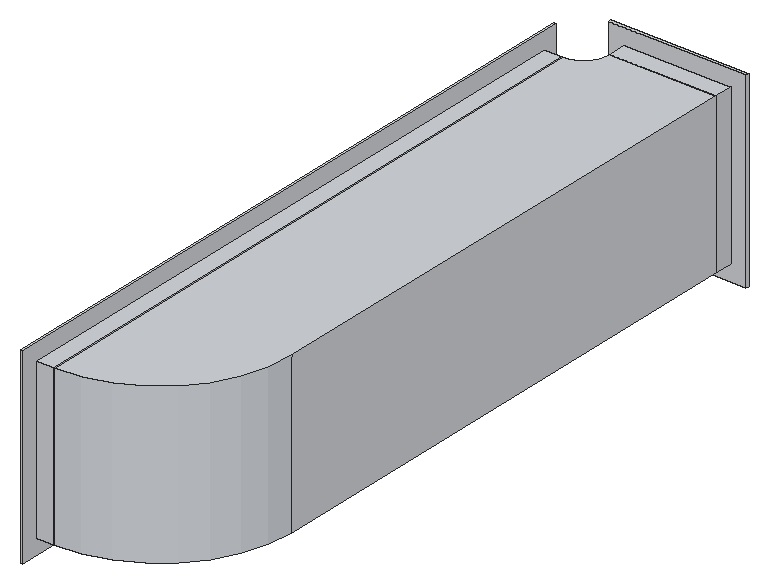
Revit family "RE Bogen asymmetrisch BA - Flansch", category Duct Fittings, Revit 2016
Family settings
  Part Type = Elbow
  Round Connector Dimension = Use Diameter
  Work Plane-Based = No
  Always vertical = Yes
  Cut with Voids When Loaded = No
  Shared = No
Parameters (values of type "Allgemein")
  r4 [instance] = r3 + Länge 17  # 350 mm
  r3 [instance] = if(b > d, if(Abschätzung 1 < 0 mm, r2 + 15 mm, r2), if(not(Abschätzung 2 < 0 mm), r2, r1 + d))  # 250 mm
  RLT_DIN_r [instance] = r  # 50 mm
  RLT_DIN_f [instance] = f  # 0 mm
  RLT_DIN_e [instance] = e  # 0 mm
  RLT_DIN_d [instance] = d  # 200 mm
  RLT_DIN_c [instance] = c  # 300 mm
  RLT_DIN_b [instance] = a  # 300 mm
  RLT_DIN_alpha [instance] = alpha  # 90.00°
  RLT_DIN_a [instance] = a  # 300 mm
  RLT_DIN_KZ = "BA"
  Profilversatz [instance] = (b / 2) - Flanschverlängerung  # 570 mm
  Alpha 4 [instance] = if(Abschätzung 1 > 0 mm, alpha, acos(Länge 18 / Länge 16))  # 90.00°
  Alpha 3 [instance] = if(not(Abschätzung 2 < 0 mm), alpha, asin((r1 + b) / (r1 + d)))  # 90.00°
  r2 [instance] = if((Abschätzung 2 < 0 mm), 5 mm, Länge 22 / tan(alpha 2 / 2))  # 250 mm
  r1 [instance] = if(r = 0 mm, if(0.9 * Max. abcd - 107.1 mm < 0.8 mm, 0.8 mm, 0.9 * Max. abcd - 107.1 mm), r)  # 50 mm
  r [instance] = 50 mm
  f2 [instance] = 35 mm  # constant formula
  f1 [instance] = if(f = 0 mm, f2, f)  # 35 mm
  f [instance] = 0 mm
  e2 [instance] = 35 mm  # constant formula
  e1 [instance] = if(e = 0 mm, e2, e)  # 35 mm
  e [instance] = 0 mm
  Max. bd [instance] = if(b > d, b, d)  # 1200 mm
  Länge 19 [instance] = if(Abschätzung 1 > 0 mm, Länge 18, 20 mm)  # 250 mm
  Länge 18 [instance] = (r1 + d) * sin(alpha)  # 250 mm
  d [instance] = 200 mm
  c [instance] = a  # 300 mm
  b [instance] = 1200 mm
  Länge21 [instance] = if(alpha = 90.00°, 0 mm, if(and(Abschätzung 1 > 0 mm, Abschätzung 2 > 0 mm), ((r1 + b) - (r1 + d) * cos(alpha 2)) / tan(alpha 2), 10 mm))  # 0 mm
  Länge 20 [instance] = if(alpha = 90.00°, 0 mm, ((r1 + b) - (r1 + d) * cos(alpha)) / tan(alpha))  # 0 mm
  alpha 2 [instance] = if(b > d, Alpha 4, Alpha 3)  # 90.00°
  alpha 1 [instance] = 180.00° - alpha 2  # 90.00°
  alpha [instance] = 90.00°
  a [instance] = 300 mm
  Breite 2 [instance] = 100 mm  # constant formula
  Breite 1 [instance] = b halb + Breite 2 + Max. bd  # 1900 mm
  Sichtbarkeit 2 [instance] = if(Länge 7 > Länge 2, 1 > 0, Länge 1 + f1 < 10000 mm)  # no
  Sichtbarkeit 1 [instance] = if(Länge 7 > Länge 2, 0 > 1, or(Länge 1 + f1 > 10000 mm + 0.8 mm, Länge 1 + f1 = 10000 mm + 0.8 mm))  # yes
  Länge 23 [instance] = if(b > d, if(Abschätzung 1 > 0 mm, Länge 22 / tan(alpha 2 / 2), Länge 22 / tan(alpha 2 / 2) + 15 mm), if(Abschätzung 2 < 0 mm, 5 mm, Länge 22 / tan(alpha 2 / 2)))  # 250 mm
  Länge 22 [instance] = if(alpha = 90.00°, r1 + Länge 24, if(b > d, abs(Länge 19 - Länge21), if(not(Abschätzung 2 > 0 mm), (r1 + b) * sin(alpha), Länge21 / cos(alpha 2))))  # 250 mm
  Länge 24 [instance] = if(b > d, d, b)  # 200 mm
  Max. cd [instance] = if(d > c, d, c)  # 300 mm
  Max. abcd [instance] = if(Max. ab > Max. cd, Max. ab, Max. cd)  # 1200 mm
  Max. ab [instance] = if(b > a, b, a)  # 1200 mm
  Länge 9 [instance] = if(Länge 1 - 10000 mm + f1 < 0.8 mm, 2 mm, Länge 1 - 10000 mm + f1)  # 185 mm
  Länge 8 [instance] = sqrt((10000 mm - Länge 6) ^ 2 + (Länge 2 - Länge 7) ^ 2)  # 650 mm
  Länge 7 [instance] = Länge 3 * cos(alpha)  # 0 mm
  Länge 6 [instance] = -Länge 3 * sin(alpha) + Länge 1  # 10000 mm
  Länge 5 [instance] = (b - d) / 2  # 500 mm
  Länge 4 [instance] = Länge 2 * tan(alpha / 2)  # 650 mm
  Länge 3 [instance] = r1 + d / 2  # 150 mm
  Länge 15 [instance] = if((r1 + b) * cos(alpha) - (r1 + d) > 0 mm, e1, (r1 + b) * sin(alpha) + e1)  # 1285 mm
  Länge 14 [instance] = if(alpha = 90.00°, r1 + d + f1, if((r1 + b) / cos(alpha) - (r1 + d) < 0 mm, f1, (r1 + b) * tan(alpha) + f1))  # 285 mm
  Länge 17 [instance] = 100 mm  # constant formula
  Länge 16 [instance] = sqrt((r1 + b) * (r1 + b) + (r1 + d) * (r1 + d) - 2 * (r1 + b) * (r1 + d) * cos(alpha))  # 1274.755 mm
  Länge 13 [instance] = Flanschstärke * sin(alpha)  # 5 mm
  Länge 12 [instance] = Flanschstärke * cos(alpha)  # 0 mm
  Länge 11 [instance] = e1 * sin(alpha)  # 35 mm
  Länge 10 [instance] = e1 * cos(alpha)  # 0 mm
  Länge 1 [instance] = -Länge 2 * cos(alpha) / sin(alpha) + Länge 3 / sin(alpha) + 10000 mm  # 10150 mm
  Länge 2 [instance] = r1 + b / 2  # 650 mm
  Abschätzung 2 [instance] = Länge 20  # 0 mm
  Abschätzung 1 [instance] = (Länge 18 - Länge 20)  # 250 mm
  Höhe [instance] = if(a > c, a, c)  # 300 mm
  b halb [instance] = b * 0.5  # 600 mm
  Flansch d [instance] = d + 2 * Flanschverlängerung  # 260 mm
  Flansch c [instance] = c + 2 * Flanschverlängerung  # 360 mm
  Flansch b [instance] = b + 2 * Flanschverlängerung  # 1260 mm
  Flansch a [instance] = a + 2 * Flanschverlängerung  # 360 mm
  Flanschstärke [instance] = 5 mm
  Flanschverlängerung [instance] = 30 mm
  Assembly Code = ""
Reference planes
  plane 1 "Mitte (Vorne/Hinten)": y = 0
  plane 2: z = 0
  plane 3 "Mitte (Links/Rechts)": x = 0
  plane 4: x = -185
  plane 5: x = -150
  plane 6: y = 650
  plane 7: x = 117.528
  plane 8: x = 0
  plane 9: y = 650
  plane 10: x = 10000
  plane 11: x = 0
  plane 12: x = 0
  plane 13: y = 685
  plane 14: x = -190
  plane 15: y = 690
  plane 16: x = 0
  plane 17: y = 630
  plane 18: y = -630
  plane 19: x = 100
  plane 20: x = 100
  plane 21: x = -150
  plane 22: y = 600
  plane 23: y = -600
  plane 24: y = -350
  plane 25: z = 150
  plane 26: z = -150
Forms (mm)
  Sweep 1, solid, detail levels medium+fine
    path in 3D
      loop
        line (-150, 0, 0) -> (-185, 0, 0)
    profile "Luftkanal - rechteckig : Luftkanal - rechteckig 1" origin (-167.5, 0, 0) x (0, -1, 0) y (0, 0, 1)
      loop
        line (-600, 150) -> (-600, -150) -> (600, -150) -> (600, 150) -> (-600, 150)
  Sweep 2, solid, detail levels medium+fine
    path in 3D
      loop
        line (0, 650, 0) -> (0, 685, 0)
    profile "Luftkanal - rechteckig : Luftkanal - rechteckig 2" origin (0, 667.5, 0) x (-1, 0, 0) y (0, 0, 1)
      loop
        line (-100, 150) -> (-100, -150) -> (100, -150) -> (100, 150) -> (-100, 150)
  Sweep 3, solid, detail levels fine
    path in 3D
      loop
        line (-190, 0, 0) -> (-185, 0, 0)
    profile "Luftkanal - rechteckig : Luftkanal - Flansch 1" origin (-187.5, 0, 0) x (0, 1, 0) y (0, 0, 1)
      loop
        line (-630, 180) -> (-630, -180) -> (630, -180) -> (630, 180) -> (-630, 180)
  Sweep 4, solid, detail levels medium+fine
    path in 3D
      loop
        line (-190, 0, 0) -> (-185, 0, 0)
    profile "Luftkanal - rechteckig : Luftkanal - rechteckig 1" origin (-187.5, 0, 0) x (0, 1, 0) y (0, 0, 1)
      loop
        line (-600, 150) -> (-600, -150) -> (600, -150) -> (600, 150) -> (-600, 150)
  Sweep 5, solid, detail levels fine
    path in 3D
      loop
        line (0, 685, 0) -> (0, 690, 0)
    profile "Luftkanal - rechteckig : Luftkanal - Flansch 2" origin (0, 687.5, 0) x (-1, 0, 0) y (0, 0, 1)
      loop
        line (-130, 180) -> (-130, -180) -> (130, -180) -> (130, 180) -> (-130, 180)
  Sweep 6, solid, detail levels medium+fine
    path in 3D
      loop
        line (0, 685, 0) -> (0, 690, 0)
    profile "Luftkanal - rechteckig : Luftkanal - rechteckig 2" origin (0, 687.5, 0) x (-1, 0, 0) y (0, 0, 1)
      loop
        line (-100, 150) -> (-100, -150) -> (100, -150) -> (100, 150) -> (-100, 150)
  Sweep 7, void
    path in 3D
      loop
        line (130, 685, 0) -> (130, -600, 0)
    profile "Luftkanal - rechteckig : Luftkanal - Abzugskörper" origin (130, 42.5, 0) x (1, 0, 0) y (0, 0, 1)
      loop
        line (-30, 150) -> (-30, -150) -> (1170, -150) -> (1170, 150) -> (-30, 150)
  Extrusion 8, void
    sketch origin (0, 0, 0) x (1, 0, 0) y (0, 1, 0)
      loop
        line (-185, -600) -> (-185, -1900) -> (100, -1900) -> (100, -600) -> (-185, -600)
    from -150 to 150
  Extrusion 9, solid, detail levels medium+fine
    sketch origin (0, 0, 0) x (1, 0, 0) y (0, 1, 0)
      loop
        arc (-150, -600) -> (26.777, -526.777) -> (100, -350) r 250
        line (100, -350) -> (-150, -350) -> (-150, -600)
    from -150 to 150
  Extrusion 10, void
    sketch origin (0, 0, 0) x (1, 0, 0) y (0, 1, 0)
      loop
        line (-150, 650) -> (-150, 600)
        arc (-150, 600) -> (-114.645, 614.645) -> (-100, 650) r 50
        line (-100, 650) -> (-150, 650)
    from -150 to 150
  Extrusion 11, void
    sketch origin (0, 0, 0) x (1, 0, 0) y (0, 1, 0)
      loop
        line (-150, -600) -> (-150, -700)
        arc (-150, -700) -> (97.487, -597.487) -> (200, -350) r 350
        line (200, -350) -> (100, -350)
        arc (100, -350) -> (26.777, -526.777) -> (-150, -600) r 250
    from -150 to 150
  SweptBlend 12, solid, detail levels medium+fine
    path in 3D
      loop
        arc (-150, 0, 0) -> (309.619, 190.381, 0) -> (500, 650, 0) r 650
    profile "Luftkanal - rechteckig : Luftkanal - rechteckig 1" origin (-150, 0, 0) x (0, 1, 0) y (0, 0, 1)
      loop
        line (-600, 150) -> (-600, -150) -> (600, -150) -> (600, 150) -> (-600, 150)
    end profile "Luftkanal - rechteckig : Luftkanal - rechteckig 2" origin (500, 650, 0) x (-1, 0, 0) y (0, 0, 1)
      loop
        line (400, 150) -> (400, -150) -> (600, -150) -> (600, 150) -> (400, 150)
Cuts and joins
  joined: Sweep 1, Sweep 4
  joined: Sweep 2, Sweep 6
  Sweep 7, Extrusion 10 cuts Extrusion 9
  Sweep 7, Extrusion 8, Extrusion 11 cuts SweptBlend 12
  joined: Extrusion 9, SweptBlend 12
Lines and regions (mm)
  reference lines
    curve 1: arc (-150, 0, 0) -> (309.619, 190.381, 0) -> (500, 650, 0) r 650
    curve 2: line (-150, 0, 0) -> (-185, 0, 0)
    curve 4: line (0, 650, 0) -> (0, 685, 0)
    curve 6: line (0, 650, 0) -> (0, 530, 0)
    curve 7: line (0, 650, 0) -> (-130, 650, 0)
    curve 8: line (0, 685, 0) -> (-95, 685, 0)
    curve 9: line (-260.979, 0, 0) -> (274.021, 0, 0)
    curve 12: line (-190, 0, 0) -> (-185, 0, 0)
    curve 15: line (0, 685, 0) -> (0, 690, 0)
    curve 18: line (0, 690, 0) -> (-75, 690, 0)
    curve 19: line (-130, 752.802, 0) -> (-130, 612.802, 0)
    curve 20: line (130, 685, 0) -> (130, -600, 0)
  sketch lines
    curve 3: line (-150, 0, 0) -> (-185, 0, 0)
    curve 5: line (0, 650, 0) -> (0, 685, 0)
    curve 13: line (-190, 0, 0) -> (-185, 0, 0)
    curve 14: line (-190, 0, 0) -> (-185, 0, 0)
    curve 16: line (0, 685, 0) -> (0, 690, 0)
    curve 17: line (0, 685, 0) -> (0, 690, 0)
    curve 26: line (130, 685, 0) -> (130, -600, 0)
    curve 27: arc (-150, 0, 0) -> (309.619, 190.381, 0) -> (500, 650, 0) r 650
  model lines, visible <- "Sichtbarkeit 1", detail levels coarse
    curve 10: line (-185, 0, 0) -> (0, 0, 0)
    curve 11: line (0, 685, 0) -> (0, 0, 0)
    curve 21: line (0, 685, 0) -> (0, 690, 0)
    curve 23: line (-190, 0, 0) -> (-185, 0, 0)
  model lines, detail levels coarse
    curve 22: line (130, 690, 0) -> (-130, 690, 0)
    curve 25: line (-190, 630, 0) -> (-190, -630, 0)
  model lines, visible <- "Sichtbarkeit 2", detail levels coarse
    curve 24: line (0, 690, 0) -> (-190, 0, 0)
Dimensions and locks
  "Länge 2": plane 6 to plane 1 "Mitte (Vorne/Hinten)"
  "f1": plane 4 to plane 5
  "Länge 7": plane 6 to plane 9
  locked: plane 3 "Mitte (Links/Rechts)" to plane 10 at 10000
  "Länge 1": plane 5 to plane 10
  "Länge 6": plane 8 to plane 10
  "e1": curve 4 to curve 4
  "Länge 8": curve 9 to curve 7
  "Länge 9": plane 4 to plane 11
  "Länge 10": plane 8 to plane 12
  "Länge 11": plane 13 to plane 9
  "Flanschstärke": plane 14 to plane 4
  "Flanschstärke": curve 15 to curve 15
  equal spacing: curve 19, curve 15, curve 20
  "Flansch d": curve 19 to curve 20
  "Länge 13": plane 15 to plane 13
  "Länge 12": plane 12 to plane 16
  equal spacing: plane 17, plane 1 "Mitte (Vorne/Hinten)", plane 18
  "Flansch b": plane 18 to plane 17
  "Länge 15": curve 20 to curve 20
  "b halb": Extrusion 8 sketch curve to plane 1 "Mitte (Vorne/Hinten)"
  "Breite 1": plane 1 "Mitte (Vorne/Hinten)" to Extrusion 8 sketch curve
  "Länge 14": plane 4 to Extrusion 8 sketch curve
  equal spacing: Extrusion 8, plane 2, Extrusion 8
  "Höhe": Extrusion 8 to Extrusion 8
  "Länge 19": plane 5 to plane 19
  "Länge21": plane 20 to plane 19
  "Länge 22": plane 21 to plane 20
  equal spacing: plane 22, plane 1 "Mitte (Vorne/Hinten)", plane 23
  "b": plane 22 to plane 23
  "Länge 23": plane 24 to plane 23
  equal spacing: plane 25, plane 2, plane 26
  "c": plane 25 to plane 26
  "r2": Extrusion 9 sketch curve to Extrusion 9 sketch curve  (x2)
  "r1": Extrusion 10 sketch curve to Extrusion 10 sketch curve  (x2)
  "Länge 17": Extrusion 11 sketch curve to Extrusion 11 sketch curve
  "r2": radius of Extrusion 9 sketch curve
  "r1": radius of Extrusion 10 sketch curve
  "r3": radius of Extrusion 11 sketch curve
  "r4": radius of Extrusion 11 sketch curve
  "alpha": angle curve 1 to curve 1
  "alpha": angle plane 9 to curve 4
  locked: curve 4 to curve 6 (angle 180.00°)
  locked: curve 4 to curve 7 (angle 90.00°)
  locked: curve 8 to curve 4 (angle 90.00°)
  locked: curve 6 to curve 9 (angle 90.00°)
  "alpha": angle plane 13 to curve 15
  locked: curve 18 to curve 15 (angle 90.00°)
  locked: curve 18 to curve 19 (angle 90.00°)
  locked: curve 20 to curve 18 (angle 90.00°)
  "alpha 2": angle plane 21 to Extrusion 9 sketch curve
  "alpha 2": angle Extrusion 9 sketch curve to Extrusion 9 sketch curve
  angle curve 7 to plane 21 = 90.00°
  "alpha": angle plane 21 to Extrusion 10 sketch curve
  "alpha": angle Extrusion 10 sketch curve to Extrusion 10 sketch curve
  "alpha 2": angle Extrusion 11 sketch curve to Extrusion 11 sketch curve  (x2)
  aligned and locked: level to plane 2
  aligned and locked: plane 6 to curve 1
  aligned and locked: plane 5 to curve 1
  aligned and locked: plane 5 to curve 2
  aligned and locked: plane 4 to curve 2
  aligned and locked: curve 2 to plane 1 "Mitte (Vorne/Hinten)"
  aligned and locked: plane 9 to curve 4
  aligned and locked: plane 8 to curve 4
  aligned and locked: plane 9 to curve 7
  aligned and locked: plane 8 to curve 7
  aligned and locked: curve 10 to curve 2
  aligned and locked: plane 11 to curve 10
  aligned and locked: curve 9 to curve 11
  aligned and locked: plane 14 to curve 12
  aligned and locked: plane 4 to curve 12
  aligned and locked: plane 1 "Mitte (Vorne/Hinten)" to curve 12
  aligned and locked: plane 13 to curve 15
  aligned and locked: plane 12 to curve 15
  aligned and locked: curve 15 to curve 21
  aligned and locked: plane 13 to curve 21
  aligned and locked: curve 22 to curve 18
  aligned and locked: curve 19 to curve 22
  aligned and locked: curve 22 to curve 20
  aligned and locked: plane 1 "Mitte (Vorne/Hinten)" to curve 23
  aligned and locked: plane 14 to curve 23
  aligned and locked: plane 4 to curve 23
  aligned and locked: plane 1 "Mitte (Vorne/Hinten)" to curve 24
  aligned and locked: plane 14 to curve 24
  aligned and locked: plane 15 to curve 24
  aligned and locked: plane 16 to curve 24
  aligned and locked: plane 17 to curve 25
  aligned and locked: curve 25 to plane 18
  aligned and locked: curve 25 to plane 14
  aligned and locked: curve 20 to Sweep 5
  aligned and locked: Extrusion 8 sketch curve to plane 4
  aligned and locked: plane 25 to cut or joined group of Sweep 7, Extrusion 8, Extrusion 9, Extrusion 10, Extrusion 11, SweptBlend 12
  aligned and locked: cut or joined group of Sweep 7, Extrusion 8, Extrusion 9, Extrusion 10, Extrusion 11, SweptBlend 12 to plane 26
  aligned and locked: plane 24 to Extrusion 9 sketch curve  (x2)
  aligned and locked: plane 21 to Extrusion 9 sketch curve
  aligned and locked: Extrusion 9 sketch curve to plane 21
  aligned and locked: Extrusion 10 to plane 26
  aligned and locked: plane 25 to Extrusion 10
  aligned and locked: plane 21 to Extrusion 10 sketch curve
  aligned and locked: plane 6 to Extrusion 10 sketch curve  (x2)
  aligned and locked: Extrusion 10 sketch curve to plane 21
  aligned and locked: plane 21 to Extrusion 11 sketch curve  (x2)
  aligned and locked: plane 24 to Extrusion 11 sketch curve  (x2)
  aligned and locked: Extrusion 11 sketch curve to plane 21
  aligned and locked: Extrusion 11 to plane 26
  aligned and locked: plane 25 to Extrusion 11
Automatic sketch dimensions
  curve 4 to curve 20 = 0 mm
  curve 19 to curve 4 = 37.198 mm
  curve 4 to curve 9 = 274.021 mm
Connectors
  hvac at (-190, 0, 0), driven by "a", driven by "b", driven by "alpha"
    settings: on cut or joined group of Sweep 1, Sweep 4, index 1, duct flow 0.0 L/s, flow factor 0, pres drop 0.0 Pa, loss coef 0, conn angle 90.00°, conn width 1200 mm, conn height 300 mm, conn diameter 609.6 mm, duct sys type 28, conn prof type 1, flow config 0, flow direction 0, loss method 0, conn ref index 2, conn util no, is conn primary yes, conn desc ""
  hvac at (0, 690, 0), driven by "a", driven by "d", driven by "alpha"
    settings: on cut or joined group of Sweep 2, Sweep 6, index 2, duct flow 0.0 L/s, flow factor 0, pres drop 0.0 Pa, loss coef 0, conn angle 90.00°, conn width 200 mm, conn height 300 mm, conn diameter 609.6 mm, duct sys type 28, conn prof type 1, flow config 0, flow direction 0, loss method 0, conn ref index 1, conn util no, is conn primary no, conn desc ""
